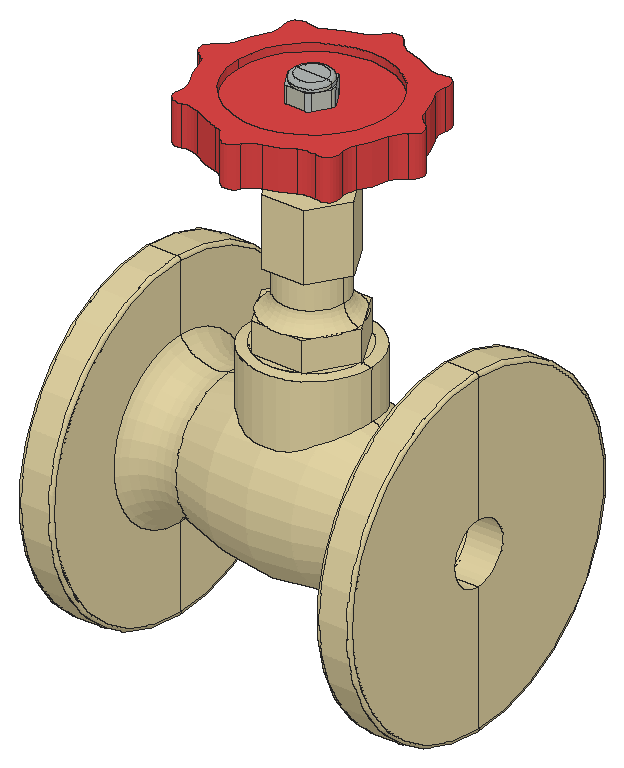
Revit family "DA05390000", category Apparecchi idraulici, Revit 2020
Family settings
  Quota connettore circolare = Usa diametro
  Tipo di parte = Normale
  Numero OmniClass = 23.45.00.00
  Titolo OmniClass = Sanitary, Laundry, and Cleaning Equipment
  Basato su piano di lavoro = No
  Sempre verticale = Sì
  Taglio con vuoti quando caricato = No
  Condiviso = No
  Punto di calcolo locali = No
Parameters
  URL = "https://web.cimberio.com/index.php/figura/698?subcategoria_id="
  Temperatura di esercizio = "-10 ÷ 170°C"
  Prospetto di default = 0 mm
  Produttore = "CIMBERIO SPA"
  Pressione nominale = "PN 16"
  Modello = "Cim 82PN6"
  Materiale = "Prodotto in lega di bronzo conforme alla norma EN 1982-CC491K"
  Descrizione = "Utilizzato nei più svariati settori dell’impiantistica ed in ogni applicazione industriale ed agricola dove è richiesta una regolazione: impianti di riscaldamento, idrici, igienico sanitari, aria compressa, reti di distribuzione vapore saturo, olii, benzine, petrolio ed altri idrocarburi e in generale con ogni fluido non corrosivo"
  DN Model [instance] = DA05393110 : DA05393110
  DN [instance] = 16 mm
  Commenti sul tipo = "Realizzato in ottemperanza ai requisiti gestionali della norma EN ISO 9001.\r\nCollaudato al 100% secondo la normativa EN 12266-1"
Reference planes
  plane 1 "Centro (Fronte/Retro)": y = 0
  plane 2: z = 0
  plane 3 "Centro (Sinistra/Destra)": x = 0
Dimensions and locks
  aligned and locked: level to plane 2
Nested families
  nested 1: "DA05393110" at (0, 0, 0), type <- "DN Model", type "DA05393110"
  nested 2: "DA05393110" at (0, 0, 0), type <- "DN Model", type "DA05393110"
  nested 3: "DA05393110" at (0, 0, 0), type <- "DN Model", type "DA05393110"
  nested 4: "DA05393110" at (0, 0, 0), type <- "DN Model", type "DA05393110"
  nested 5: "DA05393110" at (0, 0, 0), type <- "DN Model", type "DA05393110"
  nested 6: "DA05393110" at (0, 0, 0), type <- "DN Model", type "DA05393110"
  nested 7: "DA05393110" at (0, 0, 0), type <- "DN Model", type "DA05393110"
  nested 8: "DA05393110" at (0, 0, 0), type <- "DN Model", type "DA05393110"
  nested 9: "DA05393110" at (0, 0, 0), type <- "DN Model", type "DA05393110"
Connectors
  piping at (41.407, 0, 0), diameter 16, driven by "DN"
    settings: on nested 2, index 1, connector inside diameter 609.6 mm, connector length 0 mm, flow factor 0, pipe flow 0.0 L/s, pressure drop 0.0 Pa, fitting loss kfactor 0, connector angle 0.00°, fixture units 0, engagement length 0 mm, angle of deflection 0.00°, flow configuration 0, flow direction 0, fitting loss method 0, system type 7, joint type 0, gender type 0, connector reference index -1, connector utility 0, adjustable connector no, is connector primary yes, connector description ""
  piping at (-41.232, 0, 0), diameter 16, driven by "DN"
    settings: on nested 1, index 2, connector inside diameter 609.6 mm, connector length 0 mm, flow factor 0, pipe flow 0.0 L/s, pressure drop 0.0 Pa, fitting loss kfactor 0, connector angle 0.00°, fixture units 0, engagement length 0 mm, angle of deflection 0.00°, flow configuration 0, flow direction 0, fitting loss method 0, system type 7, joint type 0, gender type 0, connector reference index -1, connector utility 0, adjustable connector no, is connector primary no, connector description ""
Definition of nested family "DA05393110"
  Parameters (values of type "DA04123110")
    Default Elevation = 0 mm
  Reference planes
    plane 1 "Centro (Fronte/Retro)": y = 0
    plane 2: z = 0
    plane 3 "Centro (Sinistra/Destra)": x = 0
  Forms (mm)
    Revolve 1, solid
      sketch origin (0, 0, 0) x (1, 0, 0) y (0, 0, 1)
        loop
          line (33.343, -7.5) -> (-32.983, -7.5) -> (-32.983, -19.288)
          arc (-32.983, -19.288) -> (-27.734, -14.585) -> (-20.687, -14.614) r 9.811
          arc (-20.687, -14.614) -> (0, -18.5) -> (20.687, -14.614) r 57
          arc (20.687, -14.614) -> (28.136, -14.748) -> (33.343, -20.077) r 9.811
          line (33.343, -20.077) -> (33.343, -7.5)
        axis (-32.983, 2) -> (33.343, 2)
      angle from 0 to 360
    Revolve 2, solid
      sketch origin (0, 0, 0) x (1, 0, 0) y (0, 0, 1)
        loop
          line (-15, 4.172) -> (0, 4.172) -> (0, 32.573) -> (-12.5, 32.573) -> (-15, 32.132) -> (-15, 4.172)
        axis (0, 32.573) -> (0, 4.172)
      angle from 0 to 360
    Extrusion 3, solid
      sketch origin (0, 0, 0) x (0, -1, 0) y (1, 0, 0)
        loop
          line (0, 12.5) -> (-10.825, 6.25) -> (-10.825, -6.25) -> (0, -12.5) -> (10.825, -6.25) -> (10.825, 6.25) -> (0, 12.5)
      from 32.132 to 39.804
    Revolve 4, solid
      sketch origin (0, 0, 3.5) x (1, 0, 0) y (0, 0, 1)
        loop
          line (0, 47.5) -> (-7.95, 47.5) -> (-8.019, 40.572)
          arc (-8.019, 40.572) -> (-9.032, 37.961) -> (-11.29, 36.304) r 5
          line (-11.29, 36.304) -> (0, 36.304) -> (0, 47.5)
        axis (0, 47.5) -> (0, 36.304)
      angle from 0 to 360
    Extrusion 5, solid
      sketch origin (0, 0, 0) x (0, -1, 0) y (1, 0, 0)
        loop
          line (0, -10.4) -> (9.007, -5.2) -> (9.007, 5.2) -> (0, 10.4) -> (-9.007, 5.2) -> (-9.007, -5.2) -> (0, -10.4)
      from 51 to 67.5
    Revolve 6, solid
      sketch origin (0, 0, 12.019) x (1, 0, 0) y (0, 0, 1)
        loop
          line (-8.5, 67) -> (-8.5, 65.001)
          arc (-8.5, 65.001) -> (-8.353, 64.647) -> (-7.999, 64.5) r 0.501
          line (-7.999, 64.5) -> (-4, 64.5) -> (-4, 52.626) -> (0, 52.626) -> (0, 67) -> (-8.5, 67)
        axis (0, 67) -> (0, 52.626)
      angle from 0 to 360
    Extrusion 7, solid
      sketch origin (0, 0, 9.019) x (0.98263, 0.185575, 0) y (-0.185575, 0.98263, 0)
        loop
          spline (-12.624, 22.54) -> (-13.213, 22.77) -> (-13.791, 22.909) -> (-14.346, 22.954) -> (-14.868, 22.904) -> (-15.347, 22.761) -> (-15.773, 22.527) -> (-16.139, 22.206) -> (-16.438, 21.805) -> (-16.663, 21.332) -> (-16.81, 20.794) -> (-16.877, 20.204) -> (-16.863, 19.572)
          arc (-16.863, 19.572) -> (-17.081, 17.552) -> (-18.08, 15.783) r 5.029
          arc (-18.08, 15.783) -> (-20.241, 12.895) -> (-21.945, 9.716) r 24
          arc (-21.945, 9.716) -> (-23.126, 8.063) -> (-24.865, 7.011) r 5.029
          spline (-24.865, 7.011) -> (-25.444, 6.757) -> (-25.951, 6.447) -> (-26.375, 6.086) -> (-26.709, 5.682) -> (-26.946, 5.242) -> (-27.082, 4.775) -> (-27.114, 4.29) -> (-27.042, 3.795) -> (-26.866, 3.301) -> (-26.591, 2.817) -> (-26.221, 2.352) -> (-25.763, 1.916)
          arc (-25.763, 1.916) -> (-24.489, 0.333) -> (-23.945, -1.624) r 5.029
          arc (-23.945, -1.624) -> (-23.431, -5.195) -> (-22.388, -8.648) r 24
          arc (-22.388, -8.648) -> (-22.054, -10.652) -> (-22.54, -12.624) r 5.029
          spline (-22.54, -12.624) -> (-22.77, -13.213) -> (-22.909, -13.791) -> (-22.954, -14.346) -> (-22.904, -14.868) -> (-22.761, -15.347) -> (-22.527, -15.773) -> (-22.206, -16.139) -> (-21.805, -16.438) -> (-21.332, -16.663) -> (-20.794, -16.81) -> (-20.204, -16.877) -> (-19.572, -16.863)
          arc (-19.572, -16.863) -> (-17.552, -17.081) -> (-15.783, -18.08) r 5.029
          arc (-15.783, -18.08) -> (-12.895, -20.241) -> (-9.716, -21.945) r 24
          arc (-9.716, -21.945) -> (-8.081, -23.106) -> (-7.03, -24.813) r 5.029
          spline (-7.03, -24.813) -> (-6.779, -25.402) -> (-6.471, -25.918) -> (-6.111, -26.351) -> (-5.706, -26.693) -> (-5.265, -26.937) -> (-4.795, -27.079) -> (-4.307, -27.115) -> (-3.809, -27.045) -> (-3.312, -26.871) -> (-2.824, -26.595) -> (-2.356, -26.223) -> (-1.916, -25.763)
          arc (-1.916, -25.763) -> (-0.333, -24.489) -> (1.624, -23.945) r 5.029
          arc (1.624, -23.945) -> (5.195, -23.431) -> (8.648, -22.388) r 24
          arc (8.648, -22.388) -> (10.624, -22.053) -> (12.575, -22.516) r 5.029
          spline (12.575, -22.516) -> (13.172, -22.757) -> (13.759, -22.903) -> (14.323, -22.954) -> (14.854, -22.907) -> (15.341, -22.764) -> (15.773, -22.527) -> (16.144, -22.201) -> (16.445, -21.793) -> (16.671, -21.31) -> (16.816, -20.763) -> (16.879, -20.161) -> (16.858, -19.518)
          arc (16.858, -19.518) -> (17.089, -17.526) -> (18.08, -15.783) r 5.029
          arc (18.08, -15.783) -> (20.241, -12.895) -> (21.945, -9.716) r 24
          arc (21.945, -9.716) -> (23.106, -8.081) -> (24.813, -7.03) r 5.029
          spline (24.813, -7.03) -> (25.406, -6.777) -> (25.924, -6.466) -> (26.359, -6.103) -> (26.701, -5.694) -> (26.944, -5.249) -> (27.082, -4.775) -> (27.114, -4.283) -> (27.038, -3.781) -> (26.856, -3.281) -> (26.572, -2.791) -> (26.191, -2.321) -> (25.721, -1.881)
          arc (25.721, -1.881) -> (24.477, -0.309) -> (23.945, 1.624) r 5.029
          arc (23.945, 1.624) -> (23.431, 5.195) -> (22.388, 8.648) r 24
          arc (22.388, 8.648) -> (22.053, 10.624) -> (22.516, 12.575) r 5.029
          spline (22.516, 12.575) -> (22.757, 13.172) -> (22.903, 13.759) -> (22.954, 14.323) -> (22.907, 14.854) -> (22.764, 15.341) -> (22.527, 15.773) -> (22.201, 16.144) -> (21.793, 16.445) -> (21.31, 16.671) -> (20.763, 16.816) -> (20.161, 16.879) -> (19.518, 16.858)
          arc (19.518, 16.858) -> (17.526, 17.089) -> (15.783, 18.08) r 5.029
          arc (15.783, 18.08) -> (12.895, 20.241) -> (9.716, 21.945) r 24
          arc (9.716, 21.945) -> (8.063, 23.126) -> (7.011, 24.865) r 5.029
          spline (7.011, 24.865) -> (6.755, 25.448) -> (6.442, 25.957) -> (6.078, 26.383) -> (5.67, 26.717) -> (5.227, 26.953) -> (4.755, 27.086) -> (4.266, 27.113) -> (3.768, 27.035) -> (3.271, 26.852) -> (2.784, 26.568) -> (2.318, 26.188) -> (1.881, 25.721)
          arc (1.881, 25.721) -> (0.309, 24.477) -> (-1.624, 23.945) r 5.029
          arc (-1.624, 23.945) -> (-5.195, 23.431) -> (-8.648, 22.388) r 24
          arc (-8.648, 22.388) -> (-10.652, 22.054) -> (-12.624, 22.54) r 5.029
      from 70 to 79.915
    Extrusion 8, void
      sketch origin (0, 0, 9.019) x (1, 0, 0) y (0, 1, 0)
        loop
          circle (0, 0) r 18.5
      from 78 to 80.921
    Extrusion 9, solid
      sketch origin (0.001, 0, 9.019) x (0.934965, 0.354741, 0) y (-0.354741, 0.934965, 0)
        loop
          line (-1.377, 5.329) -> (-4.94, 2.419)
          arc (-4.94, 2.419) -> (-5.249, 1.991) -> (-5.302, 1.465) r 1.021
          line (-5.302, 1.465) -> (-4.565, -3.074)
          arc (-4.565, -3.074) -> (-4.349, -3.551) -> (-3.924, -3.858) r 1.012
          line (-3.924, -3.858) -> (0.37, -5.486)
          arc (0.37, -5.486) -> (0.9, -5.54) -> (1.387, -5.321) r 1.03
          line (1.387, -5.321) -> (4.931, -2.427)
          arc (4.931, -2.427) -> (5.246, -1.989) -> (5.3, -1.452) r 1.042
          line (5.3, -1.452) -> (4.567, 3.058)
          arc (4.567, 3.058) -> (4.346, 3.549) -> (3.909, 3.863) r 1.04
          line (3.909, 3.863) -> (-0.382, 5.491)
          arc (-0.382, 5.491) -> (-0.901, 5.543) -> (-1.377, 5.329) r 1.007
      from 78 to 82
    Revolve 10, solid
      sketch origin (0, 0, 8.525) x (1, 0, 0) y (0, 0, 1)
        loop
          line (0, 83.994) -> (0, 81.954) -> (4.75, 81.954) -> (4.75, 82.994)
          arc (4.75, 82.994) -> (4.457, 83.701) -> (3.75, 83.994) r 1
          line (3.75, 83.994) -> (0, 83.994)
        axis (0, 83.994) -> (0, 81.954)
      angle from 0 to 360
    Revolve 11, solid
      sketch origin (-6.732, 0, 0) x (1, 0, 0) y (0, 0, 1)
        loop
          line (-34.5, 39.192) -> (-34.5, 7.5) -> (-26, 7.5) -> (-26, 39.165)
          arc (-26, 39.165) -> (-26.244, 39.756) -> (-26.835, 40) r 0.835
          line (-26.835, 40) -> (-33.692, 40)
          arc (-33.692, 40) -> (-34.263, 39.763) -> (-34.5, 39.192) r 0.808
        axis (-34.5, 0) -> (-26, 0)
      angle from 0 to 360
    Revolve 12, solid
      sketch origin (6.907, 0, 0) x (-1, 0, 0) y (0, 0, 1)
        loop
          line (-34.5, 39.192) -> (-34.5, 7.5) -> (-26, 7.5) -> (-26, 39.165)
          arc (-26, 39.165) -> (-26.244, 39.756) -> (-26.835, 40) r 0.835
          line (-26.835, 40) -> (-33.692, 40)
          arc (-33.692, 40) -> (-34.263, 39.763) -> (-34.5, 39.192) r 0.808
        axis (-34.5, 0) -> (-26, 0)
      angle from 0 to 360
  Cuts and joins
    Extrusion 8 cuts Extrusion 7
  Dimensions and locks
    aligned and locked: level to plane 2
